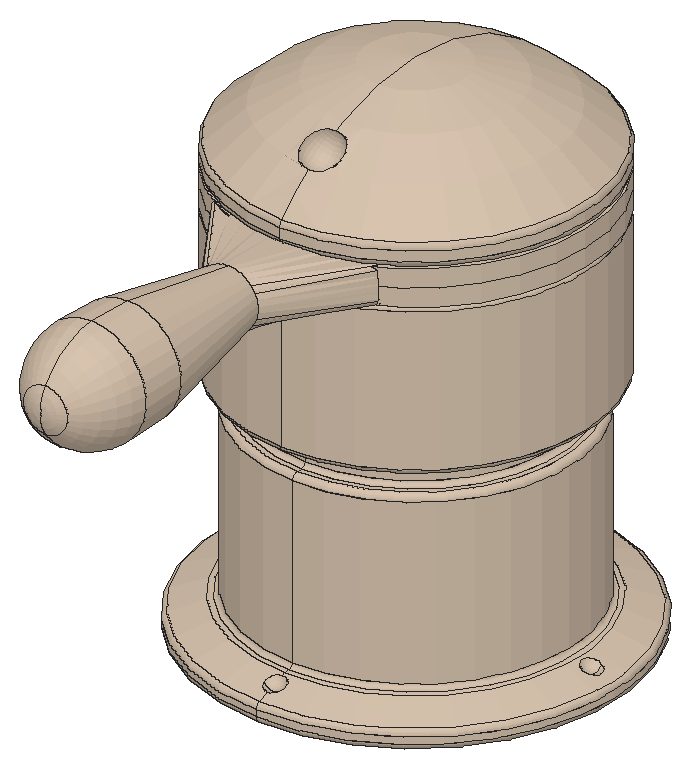
Revit family "Faucet-Valve_Trim-KOHLER-K-T9540", category Specialty Equipment, host Face, Revit 2021
Family settings
  Host = Face
  Round Connector Dimension = Use Diameter
  Part Type = Normal
  OmniClass Number = 23.31.25.00
  OmniClass Title = Toilet and Bath Specialties
  Cut with Voids When Loaded = No
  Shared = No
  Room Calculation Point = No
Parameters (values of type "AF-Vibrant French Gold")
  Width = 2 159/256"  # constant formula
  WaterSense Certified = 1 = 0  # no
  URL = "https://www.us.kohler.com/us/"
  Type = 1
  Product Page URL = "http://www.us.kohler.com/us/catalog/productDetails.jsp?productNumber=T9540-4"
  Product Name = ""
  Product Documentation Link = "https://www.us.kohler.com/webassets/kpna/catalog/pdf/en/K-T9540-4_spec_US-CA_Kohler_en.pdf"
  Model = if(Type = 1, "K-T9540-4-AF", if(Type = 2, "K-T9540-4-BN", if(Type = 3, "K-T9540-4-CP", "NA")))  # "K-T9540-4-AF"
  Material = "Premium Metal Construction"  # constant formula
  Master Format 2014 Name = "Toilet, Bath, and Laundry Accessories"  # constant formula
  Master Format 2014 = "10 28 00"  # constant formula
  Manufacturer Address = "444 Highland Dr, Kohler, WI 53044"  # constant formula
  Manufacturer = "Kohler Co."  # constant formula
  Length = 2 159/256"  # constant formula
  Height = 3 23/64"  # constant formula
  Handle Clearance = 3 33/256"  # constant formula
  Finish = Kohler-Metal-AF-Vibrant_French_Gold
  Environmental Product Declaration = ""
  Description = "Deck-Mount Trim For Transfer Valve/ Vaccum Breaker With Lever Handle, Valve Not Included"  # constant formula
  Default Elevation = 42"
  Declare Label = ""
  Date Modified = "08/04/2023"  # constant formula
  Date Created = "08/04/2023"  # constant formula
  Copyright = "Copyright Kohler Co."  # constant formula
  Contact Us = "https://www.us.kohler.com/us/static/contact.jsp"
  Assembly Code = "C1030200"
  ADA Compliant = 1 = 0  # no
Types (4): name | Type | Model | Finish
  (no name) | 1 | "K-T9540-4-AF" | Kohler-Metal-AF-Vibrant_French_Gold
  AF-Vibrant French Gold | 1 | "K-T9540-4-AF" | Kohler-Metal-AF-Vibrant_French_Gold
  BN-Vibrant Brushed Nickel | 2 | "K-T9540-4-BN" | Kohler-Metal-BN-Vibrant_Brushed_Nickel
  CP-Polished Chrome | 3 | "K-T9540-4-CP" | Kohler-Metal-CP-Polished_Chrome
Reference planes (in)
  plane 1 "Center (Front/Back)": y = 0
  plane 2: z = 0
  plane 3 "Center (Left/Right)": x = 0
  plane 4: y = 1.30906
  plane 5: y = -1.31204
  plane 6: x = -1.31102
  plane 7: x = 1.31007
  plane 8: z = 3.35937
  plane 9: y = -3.12891
  plane 10: y = 1.11894
  plane 11: y = -1.12
  plane 12: x = -1.12
  plane 13: x = 1.12
Dimensions and locks (in)
  plane 4 to plane 5 = 2 159/256"
  plane 6 to plane 3 "Center (Left/Right)" = 1.31102"
  "Width": plane 6 to plane 7
  "Height": level to plane 8
  plane 10 to plane 9 = 4.24785"
  "Handle Clearance": plane 1 "Center (Front/Back)" to plane 9
  "Length": plane 4 to plane 5
  aligned and locked: plane 2 to host face
  aligned and locked: level to host face
Automatic sketch dimensions
  host sketch curve to host sketch curve = 96"  (x2)
Nested families (in)
  nested 1: "K-T9540" at (0, 0, 0), type "K-T9540"
Definition of nested family "K-T9540"
  Parameters (values of type "K-T9540")
    Material = none
    Default Elevation = 0"
  Reference planes (in)
    plane 1 "Center (Front/Back)": y = 0
    plane 2: z = 0
    plane 3 "Center (Left/Right)": x = 0
    plane 4: y = 1.30906
    plane 5: x = -1.31102
    plane 6: x = -1.31102
    plane 7: x = 1.31102
    plane 8: y = -1.31102
    plane 9: z = 3.35827
    plane 10: z = 2.624
    plane 11: z = 2.62402
    plane 12 "rh": through (0, -0.7768, 3.14642) normal (0, 0.5446, -0.8387)
    plane 13: y = 1.12
    plane 14: y = -3.12785
    plane 15: y = -1.12
    plane 16: x = -1.12
    plane 17: x = 1.12
  Forms (in)
    Revolve 1, solid, material <- "Material", detail levels medium+fine
      sketch origin (0, 0, 0) x (0, 1, 0) y (0, 0, 1)
        loop
          line (0, 0) -> (0, 3.35827)
          arc (0, 3.35827) -> (-0.60084, 3.23434) -> (-1.10383, 2.88312) r 1.52088
          arc (-1.10383, 2.88312) -> (-1.11582, 2.86437) -> (-1.12001, 2.84252) r 0.05906
          line (-1.12001, 2.84252) -> (-1.12001, 2.77737)
          arc (-1.12001, 2.77737) -> (-1.1083, 2.74935) -> (-1.08014, 2.738) r 0.03937
          line (-1.08014, 2.738) -> (-1.11999, 2.738) -> (-1.11999, 2.624) -> (-1.11999, 2.51) -> (-1.0892, 2.51)
          arc (-1.0892, 2.51) -> (-1.10895, 2.50078) -> (-1.117, 2.48052) r 0.02953
          line (-1.117, 2.48052) -> (-1.117, 1.54953)
          arc (-1.117, 1.54953) -> (-1.10835, 1.52865) -> (-1.08747, 1.52) r 0.02953
          line (-1.08747, 1.52) -> (-0.91, 1.52) -> (-0.91, 1.36998)
          arc (-0.91, 1.36998) -> (-0.91878, 1.34878) -> (-0.93999, 1.33999) r 0.02999
          line (-0.93999, 1.33999) -> (-0.97563, 1.33999)
          arc (-0.97563, 1.33999) -> (-1.00347, 1.32846) -> (-1.015, 1.30062) r 0.03937
          line (-1.015, 1.30062) -> (-1.015, 0.23052)
          arc (-1.015, 0.23052) -> (-1.02386, 0.20943) -> (-1.04512, 0.20099) r 0.02953
          arc (-1.04512, 0.20099) -> (-1.06151, 0.19981) -> (-1.07741, 0.19563) r 0.0892
          line (-1.07741, 0.19563) -> (-1.28512, 0.12003)
          arc (-1.28512, 0.12003) -> (-1.3039, 0.10562) -> (-1.31102, 0.08304) r 0.03937
          line (-1.31102, 0.08304) -> (-1.31102, 0.03937)
          arc (-1.31102, 0.03937) -> (-1.29949, 0.01153) -> (-1.27165, 0) r 0.03937
          line (-1.27165, 0) -> (0, 0)
        axis (0, 3.35827) -> (0, 0)
      angle from 0 to 360
    Revolve 2, solid, material <- "Material", detail levels medium+fine
      sketch origin (0, -0.13503, -0.0123) x (0, 1, 0) y (0, 0, 1)
        loop
          arc (-1.40619, 2.81524) -> (-1.81974, 2.90978) -> (-2.23882, 2.97558) r 6.15003
          arc (-2.23882, 2.97558) -> (-2.38735, 2.9867) -> (-2.53627, 2.98397) r 1.60138
          arc (-2.53627, 2.98397) -> (-2.74945, 2.9195) -> (-2.91219, 2.76746) r 0.49086
          arc (-2.91219, 2.76746) -> (-2.94467, 2.69898) -> (-2.95582, 2.62402) r 0.25761
          line (-2.95582, 2.62402) -> (-1.40619, 2.62402) -> (-1.40619, 2.81524)
        axis (-2.95582, 2.62402) -> (-1.40619, 2.62402)
      angle from 0 to 360
    SweptBlend 3, solid, material <- "Material", detail levels medium+fine
      path origin (0, -0.01005, -0.00226) x (0, 1, 0) y (0, 0, 1)
        loop
          line (-1.53117, 2.6334) -> (-0.80681, 2.6334)
      profile origin (0, -1.54122, 2.63114) x (0, 0, 1) y (1, 0, 0)
        loop
          arc (0.10405, -0.14602) -> (0.1718, -0.00108) -> (0.10568, 0.14462) r 0.19123
          arc (0.10568, 0.14462) -> (0.08645, 0.15924) -> (0.06553, 0.17132) r 0.19123
          arc (0.06553, 0.17132) -> (-0.0092, 0.19095) -> (-0.0856, 0.17941) r 0.19123
          arc (-0.0856, 0.17941) -> (-0.10524, 0.17089) -> (-0.12381, 0.16023) r 0.19123
          arc (-0.12381, 0.16023) -> (-0.21065, 0) -> (-0.12381, -0.16023) r 0.19123
          arc (-0.12381, -0.16023) -> (-0.10614, -0.17044) -> (-0.08749, -0.17871) r 0.19123
          arc (-0.08749, -0.17871) -> (-0.01074, -0.19103) -> (0.06457, -0.17179) r 0.19123
          arc (0.06457, -0.17179) -> (0.08511, -0.16013) -> (0.10405, -0.14602) r 0.19123
      end profile origin (0, -0.81685, 2.63114) x (0, 0, 1) y (1, 0, 0)
        loop
          line (0.08492, 0.63157) -> (-0.10371, 0.63157)
          arc (-0.10371, 0.63157) -> (-0.11763, 0.62581) -> (-0.1234, 0.61189) r 0.01969
          line (-0.1234, 0.61189) -> (-0.1234, -0.65207)
          arc (-0.1234, -0.65207) -> (-0.11763, -0.66599) -> (-0.10371, -0.67175) r 0.01969
          line (-0.10371, -0.67175) -> (0.08492, -0.67175)
          arc (0.08492, -0.67175) -> (0.09884, -0.66599) -> (0.1046, -0.65207) r 0.01969
          line (0.1046, -0.65207) -> (0.1046, 0.61189)
          arc (0.1046, 0.61189) -> (0.09884, 0.62581) -> (0.08492, 0.63157) r 0.01969
    Revolve 4, void
      sketch origin (1.17446, 0, 0.04767) x (0, -1, 0) y (0, 0, -1)
        loop
          line (-0.08317, -0.16716) -> (0.08254, -0.16716)
          arc (0.08254, -0.16716) -> (-0.00032, -0.08431) -> (-0.08317, -0.16716) r 0.08285
        axis (0.08254, -0.16716) -> (-0.08317, -0.16716)
      angle from 0 to 360
    Revolve 5, void
      sketch origin (0, -1.66436, 2.57003) x (0, -0.838671, -0.544639) y (-1, 0, 0)
        loop
          line (-1.19735, 0) -> (-0.93194, 0)
          arc (-0.93194, 0) -> (-1.06464, 0.1327) -> (-1.19735, 0) r 0.13271
        axis (-1.19735, 0) -> (-0.93194, 0)
      angle from 0 to 360
    Revolve 6, solid, material <- "Material", detail levels coarse
      sketch origin (0, 0, 0) x (0, 1, 0) y (0, 0, 1)
        loop
          line (0, 0) -> (0, 3.35783)
          arc (0, 3.35783) -> (-0.5715, 3.26104) -> (-1.06527, 2.95745) r 1.52088
          arc (-1.06527, 2.95745) -> (-1.13077, 2.86587) -> (-1.15391, 2.75568) r 0.27397
          line (-1.15391, 2.75568) -> (-1.15391, 1.52) -> (-0.94691, 1.52) -> (-0.94691, 1.36998)
          arc (-0.94691, 1.36998) -> (-0.95569, 1.34878) -> (-0.9769, 1.33999) r 0.02999
          line (-0.9769, 1.33999) -> (-1.05191, 1.33999) -> (-1.05191, 0.23052)
          arc (-1.05191, 0.23052) -> (-1.06077, 0.20943) -> (-1.08203, 0.20099) r 0.02953
          arc (-1.08203, 0.20099) -> (-1.09842, 0.19981) -> (-1.11432, 0.19563) r 0.0892
          line (-1.11432, 0.19563) -> (-1.34793, 0.1106) -> (-1.34793, 0) -> (0, 0)
        axis (0, 3.35783) -> (0, 0)
      angle from 0 to 360
    Revolve 7, solid, material <- "Material", detail levels coarse
      sketch origin (0, 0, -0.02461) x (0, 1, 0) y (0, 0, 1)
        loop
          line (-1.69847, 2.62402) -> (-0.57094, 2.62402) -> (-0.57094, 2.82087) -> (-1.01681, 2.82087)
          arc (-1.01681, 2.82087) -> (-1.29468, 2.82925) -> (-1.57154, 2.85436) r 4.60996
          arc (-1.57154, 2.85436) -> (-1.64151, 2.86521) -> (-1.7106, 2.88065) r 1.06949
          arc (-1.7106, 2.88065) -> (-2.06559, 2.96144) -> (-2.4247, 3.02133) r 6.21935
          arc (-2.4247, 3.02133) -> (-2.65003, 3.03128) -> (-2.87339, 2.99994) r 1.23028
          arc (-2.87339, 2.99994) -> (-3.06781, 2.87639) -> (-3.14352, 2.65883) r 0.35043
          line (-3.14352, 2.65883) -> (-3.14352, 2.62402) -> (-1.69847, 2.62402)
        axis (-3.14352, 2.62402) -> (-0.57094, 2.62402)
      angle from 0 to 360
    Revolve 8, void
      sketch origin (-1.17446, 0, 0.04767) x (0, -1, 0) y (0, 0, 1)
        loop
          arc (-0.08317, 0.16716) -> (-0.00032, 0.08431) -> (0.08254, 0.16716) r 0.08285
          line (0.08254, 0.16716) -> (-0.08317, 0.16716)
        axis (0.08254, 0.16716) -> (-0.08317, 0.16716)
      angle from 0 to 360
    Revolve 9, void
      sketch origin (0, -1.17446, 0.04767) x (-1, 0, 0) y (0, 0, -1)
        loop
          line (-0.08317, -0.16716) -> (0.08254, -0.16716)
          arc (0.08254, -0.16716) -> (-0.00032, -0.08431) -> (-0.08317, -0.16716) r 0.08285
        axis (0.08254, -0.16716) -> (-0.08317, -0.16716)
      angle from 0 to 360
  Cuts and joins
    joined: Revolve 2, SweptBlend 3
    Revolve 4, Revolve 5, Revolve 8, Revolve 9 cuts Revolve 1
  Lines and regions (in)
    Masking region 1
      outline origin (0, 0, 0) x (1, 0, 0) y (0, 1, 0)
        loop
          arc (-1.31102, 0) -> (-1.0374, -0.80046) -> (-0.33078, -1.26552) r 1.30654
          arc (-0.33078, -1.26552) -> (-0.23444, -1.56224) -> (-0.24532, -1.87402) r 0.89879
          arc (-0.24532, -1.87402) -> (-0.28218, -2.0353) -> (-0.31407, -2.19764) r 5.39638
          arc (-0.31407, -2.19764) -> (-0.37278, -2.41974) -> (-0.39547, -2.64834) r 1.44178
          arc (-0.39547, -2.64834) -> (-0.38448, -2.78955) -> (-0.34651, -2.926) r 0.73234
          arc (-0.34651, -2.926) -> (-0.32485, -2.96664) -> (-0.29406, -3.0009) r 0.19029
          arc (-0.29406, -3.0009) -> (-0.23867, -3.04503) -> (-0.17958, -3.08407) r 0.79622
          arc (-0.17958, -3.08407) -> (-0.11915, -3.11186) -> (-0.05416, -3.126) r 0.30747
          arc (-0.05416, -3.126) -> (-0.02711, -3.1279) -> (0, -3.12789) r 0.38228
          arc (0, -3.12789) -> (0.02711, -3.1279) -> (0.05416, -3.126) r 0.38228
          arc (0.05416, -3.126) -> (0.11915, -3.11186) -> (0.17958, -3.08407) r 0.30747
          arc (0.17958, -3.08407) -> (0.23867, -3.04503) -> (0.29406, -3.0009) r 0.79622
          arc (0.29406, -3.0009) -> (0.32485, -2.96664) -> (0.34651, -2.926) r 0.19029
          arc (0.34651, -2.926) -> (0.38448, -2.78955) -> (0.39547, -2.64834) r 0.73234
          arc (0.39547, -2.64834) -> (0.37278, -2.41974) -> (0.31407, -2.19764) r 1.44178
          arc (0.31407, -2.19764) -> (0.28218, -2.0353) -> (0.24532, -1.87402) r 5.39638
          arc (0.24532, -1.87402) -> (0.23434, -1.5629) -> (0.33015, -1.26671) r 0.89879
          arc (0.33015, -1.26671) -> (1.0381, -0.80178) -> (1.31102, 0) r 1.30379
          arc (1.31102, 0) -> (0.92587, 0.9253) -> (0, 1.30906) r 1.31262
          arc (0, 1.30906) -> (-0.9268, 0.92623) -> (-1.31102, 0) r 1.30943
    Masking region 2
      outline origin (0, 0, 0) x (1, 0, 0) y (0, 0, 1)
        loop
          line (0, 0) -> (1.27165, 0)
          arc (1.27165, 0) -> (1.29949, 0.01153) -> (1.31102, 0.03937) r 0.03937
          line (1.31102, 0.03937) -> (1.31102, 0.08283)
          arc (1.31102, 0.08283) -> (1.3039, 0.10541) -> (1.28512, 0.11983) r 0.03937
          line (1.28512, 0.11983) -> (1.07961, 0.19462)
          arc (1.07961, 0.19462) -> (1.06286, 0.19895) -> (1.04559, 0.19999) r 0.08998
          arc (1.04559, 0.19999) -> (1.02403, 0.20825) -> (1.015, 0.2295) r 0.02953
          line (1.015, 0.2295) -> (1.015, 1.30063)
          arc (1.015, 1.30063) -> (1.00347, 1.32847) -> (0.97563, 1.34) r 0.03937
          line (0.97563, 1.34) -> (0.93565, 1.34)
          arc (0.93565, 1.34) -> (0.91477, 1.34865) -> (0.90612, 1.36953) r 0.02953
          line (0.90612, 1.36953) -> (0.90612, 1.52) -> (1.085, 1.52)
          arc (1.085, 1.52) -> (1.10975, 1.53025) -> (1.12, 1.555) r 0.035
          line (1.12, 1.555) -> (1.12, 2.47588)
          arc (1.12, 2.47588) -> (1.1094, 2.50061) -> (1.08418, 2.51) r 0.03416
          line (1.08418, 2.51) -> (1.12, 2.51) -> (1.12, 2.73801) -> (1.08063, 2.73801)
          arc (1.08063, 2.73801) -> (1.10847, 2.74954) -> (1.12, 2.77738) r 0.03937
          line (1.12, 2.77738) -> (1.12, 2.84202)
          arc (1.12, 2.84202) -> (1.11505, 2.86591) -> (1.10102, 2.88586) r 0.06011
          arc (1.10102, 2.88586) -> (0.59948, 3.23618) -> (0, 3.35827) r 1.50699
          arc (0, 3.35827) -> (-0.59948, 3.23618) -> (-1.10102, 2.88586) r 1.50699
          arc (-1.10102, 2.88586) -> (-1.11505, 2.86591) -> (-1.12, 2.84202) r 0.06011
          line (-1.12, 2.84202) -> (-1.12, 2.77738)
          arc (-1.12, 2.77738) -> (-1.10847, 2.74954) -> (-1.08063, 2.73801) r 0.03937
          line (-1.08063, 2.73801) -> (-1.12004, 2.73801) -> (-1.12004, 2.51) -> (-1.08418, 2.51)
          arc (-1.08418, 2.51) -> (-1.1094, 2.50061) -> (-1.12, 2.47588) r 0.03416
          line (-1.12, 2.47588) -> (-1.12, 1.555)
          arc (-1.12, 1.555) -> (-1.10975, 1.53025) -> (-1.085, 1.52) r 0.035
          line (-1.085, 1.52) -> (-0.90612, 1.52) -> (-0.90612, 1.36953)
          arc (-0.90612, 1.36953) -> (-0.91477, 1.34865) -> (-0.93565, 1.34) r 0.02953
          line (-0.93565, 1.34) -> (-0.97563, 1.34)
          arc (-0.97563, 1.34) -> (-1.00347, 1.32847) -> (-1.015, 1.30063) r 0.03937
          line (-1.015, 1.30063) -> (-1.015, 0.2295)
          arc (-1.015, 0.2295) -> (-1.02403, 0.20825) -> (-1.04559, 0.19999) r 0.02953
          arc (-1.04559, 0.19999) -> (-1.06286, 0.19895) -> (-1.07961, 0.19462) r 0.08998
          line (-1.07961, 0.19462) -> (-1.28512, 0.11983)
          arc (-1.28512, 0.11983) -> (-1.3039, 0.10541) -> (-1.31102, 0.08283) r 0.03937
          line (-1.31102, 0.08283) -> (-1.31102, 0.03937)
          arc (-1.31102, 0.03937) -> (-1.29949, 0.01153) -> (-1.27165, 0) r 0.03937
          line (-1.27165, 0) -> (0, 0)
    Masking region 3
      outline origin (0, 0, 0) x (0, 1, 0) y (0, 0, 1)
        loop
          line (0, 0) -> (1.26969, 0)
          arc (1.26969, 0) -> (1.29752, 0.01153) -> (1.30906, 0.03937) r 0.03937
          line (1.30906, 0.03937) -> (1.30906, 0.08355)
          arc (1.30906, 0.08355) -> (1.30194, 0.10613) -> (1.28315, 0.12054) r 0.03937
          line (1.28315, 0.12054) -> (1.07961, 0.19462)
          arc (1.07961, 0.19462) -> (1.06286, 0.19895) -> (1.04559, 0.19999) r 0.08998
          arc (1.04559, 0.19999) -> (1.02403, 0.20825) -> (1.015, 0.2295) r 0.02953
          line (1.015, 0.2295) -> (1.015, 1.30063)
          arc (1.015, 1.30063) -> (1.00347, 1.32847) -> (0.97563, 1.34) r 0.03937
          line (0.97563, 1.34) -> (0.93565, 1.34)
          arc (0.93565, 1.34) -> (0.91477, 1.34865) -> (0.90612, 1.36953) r 0.02953
          line (0.90612, 1.36953) -> (0.90612, 1.52) -> (1.085, 1.52)
          arc (1.085, 1.52) -> (1.10975, 1.53025) -> (1.12, 1.555) r 0.035
          line (1.12, 1.555) -> (1.12, 2.47588)
          arc (1.12, 2.47588) -> (1.1094, 2.50061) -> (1.08418, 2.51) r 0.03416
          line (1.08418, 2.51) -> (1.12, 2.51) -> (1.12, 2.73801) -> (1.08063, 2.73801)
          arc (1.08063, 2.73801) -> (1.10847, 2.74954) -> (1.12, 2.77738) r 0.03937
          line (1.12, 2.77738) -> (1.12, 2.84202)
          arc (1.12, 2.84202) -> (1.11505, 2.8659) -> (1.10103, 2.88584) r 0.06011
          arc (1.10103, 2.88584) -> (0.59948, 3.23618) -> (0, 3.35827) r 1.50699
          arc (0, 3.35827) -> (-0.59948, 3.23618) -> (-1.10103, 2.88584) r 1.50699
          arc (-1.10103, 2.88584) -> (-1.11505, 2.8659) -> (-1.12, 2.84202) r 0.06011
          line (-1.12, 2.84202) -> (-1.12, 2.77738)
          arc (-1.12, 2.77738) -> (-1.10847, 2.74954) -> (-1.08063, 2.73801) r 0.03937
          line (-1.08063, 2.73801) -> (-1.11543, 2.73801)
          arc (-1.11543, 2.73801) -> (-1.16494, 2.74096) -> (-1.21421, 2.74665) r 0.89885
          arc (-1.21421, 2.74665) -> (-1.2769, 2.75585) -> (-1.33953, 2.76548) r 9.46314
          arc (-1.33953, 2.76548) -> (-1.45243, 2.78563) -> (-1.5644, 2.81045) r 2.76123
          arc (-1.5644, 2.81045) -> (-1.6683, 2.83478) -> (-1.77261, 2.85726) r 6.00576
          arc (-1.77261, 2.85726) -> (-1.9417, 2.89421) -> (-2.10987, 2.93513) r 7.35897
          arc (-2.10987, 2.93513) -> (-2.38682, 2.9817) -> (-2.66766, 2.98142) r 1.67733
          arc (-2.66766, 2.98142) -> (-2.77332, 2.96004) -> (-2.87135, 2.91518) r 0.47059
          arc (-2.87135, 2.91518) -> (-2.98426, 2.82719) -> (-3.07348, 2.71524) r 0.60808
          arc (-3.07348, 2.71524) -> (-3.09616, 2.67115) -> (-3.11156, 2.62402) r 0.31143
          arc (-3.11156, 2.62402) -> (-3.12221, 2.56895) -> (-3.12785, 2.51315) r 0.62175
          arc (-3.12785, 2.51315) -> (-3.12355, 2.44167) -> (-3.10701, 2.37201) r 0.41399
          arc (-3.10701, 2.37201) -> (-3.09213, 2.33623) -> (-3.0741, 2.30193) r 0.42996
          arc (-3.0741, 2.30193) -> (-2.98711, 2.19631) -> (-2.87135, 2.12337) r 0.42996
          arc (-2.87135, 2.12337) -> (-2.74222, 2.09081) -> (-2.60932, 2.09933) r 0.42996
          arc (-2.60932, 2.09933) -> (-2.44114, 2.14465) -> (-2.27756, 2.20448) r 1.99301
          arc (-2.27756, 2.20448) -> (-2.11288, 2.27092) -> (-1.94679, 2.33377) r 8.17121
          arc (-1.94679, 2.33377) -> (-1.81427, 2.3789) -> (-1.67984, 2.41798) r 3.08839
          arc (-1.67984, 2.41798) -> (-1.57056, 2.44552) -> (-1.46058, 2.47012) r 4.21606
          arc (-1.46058, 2.47012) -> (-1.39977, 2.48107) -> (-1.33843, 2.48852) r 1.07874
          arc (-1.33843, 2.48852) -> (-1.27632, 2.49433) -> (-1.21422, 2.50027) r 29.17576
          arc (-1.21422, 2.50027) -> (-1.16482, 2.50509) -> (-1.11543, 2.51) r 29.17576
          line (-1.11543, 2.51) -> (-1.08418, 2.51)
          arc (-1.08418, 2.51) -> (-1.1094, 2.50061) -> (-1.12, 2.47588) r 0.03416
          line (-1.12, 2.47588) -> (-1.12, 1.555)
          arc (-1.12, 1.555) -> (-1.10975, 1.53025) -> (-1.085, 1.52) r 0.035
          line (-1.085, 1.52) -> (-0.90612, 1.52) -> (-0.90612, 1.36953)
          arc (-0.90612, 1.36953) -> (-0.91477, 1.34865) -> (-0.93565, 1.34) r 0.02953
          line (-0.93565, 1.34) -> (-0.97563, 1.34)
          arc (-0.97563, 1.34) -> (-1.00347, 1.32847) -> (-1.015, 1.30063) r 0.03937
          line (-1.015, 1.30063) -> (-1.015, 0.2295)
          arc (-1.015, 0.2295) -> (-1.02403, 0.20825) -> (-1.04559, 0.19999) r 0.02953
          arc (-1.04559, 0.19999) -> (-1.06286, 0.19895) -> (-1.07961, 0.19462) r 0.08998
          line (-1.07961, 0.19462) -> (-1.28512, 0.11983)
          arc (-1.28512, 0.11983) -> (-1.3039, 0.10541) -> (-1.31102, 0.08283) r 0.03937
          line (-1.31102, 0.08283) -> (-1.31102, 0.03937)
          arc (-1.31102, 0.03937) -> (-1.29949, 0.01153) -> (-1.27165, 0) r 0.03937
          line (-1.27165, 0) -> (0, 0)
    symbolic lines, detail levels medium+fine
      curve 1: line (0, 1.10102, 2.88586) -> (0, -1.10102, 2.88586)
      curve 2: line (0, 1.12, 2.84202) -> (0, -1.12, 2.84202)
      curve 3: line (0, 1.12, 2.77738) -> (0, -1.12, 2.77738)
      curve 4: line (0, 1.08063, 2.73801) -> (0, -1.08063, 2.73801)
      curve 5: line (0, 1.08418, 2.51) -> (0, -1.0892, 2.51)
      curve 6: line (0, 1.12, 2.47588) -> (0, -1.12, 2.47588)
      curve 7: line (0, 1.12, 1.555) -> (0, -1.12, 1.555)
      curve 8: line (0, 0.90612, 1.52) -> (0, -0.90612, 1.52)
      curve 9: line (0, 0.90612, 1.36953) -> (0, -0.90612, 1.36953)
      curve 10: line (0, 0.93565, 1.34) -> (0, -0.93565, 1.34)
      curve 11: line (0, 1.015, 1.30063) -> (0, -1.015, 1.30063)
      curve 12: line (0, 1.015, 0.2295) -> (0, -1.015, 0.2295)
      curve 13: line (0, 1.04559, 0.19999) -> (0, -1.04559, 0.19999)
      curve 14: line (0, 1.28315, 0.12054) -> (0, -1.28512, 0.11983)
      curve 15: line (0, 1.30906, 0.08355) -> (0, -1.31102, 0.08283)
      curve 16: line (0, 1.30906, 0.03937) -> (0, -1.31102, 0.03937)
      curve 17: line (0, -1.21421, 2.74665) -> (0, -1.21422, 2.50027)
      curve 18: line (0, -0.86013, 2.73801) -> (0, -0.86013, 2.51)
      curve 19: line (0, -1.08063, 2.73801) -> (0, -1.21421, 2.70221)
      curve 20: line (0, -1.21421, 2.70221) -> (0, -0.86013, 2.70221)
      curve 21: line (0, -1.21422, 2.54582) -> (0, -0.86013, 2.54582)
      curve 22: line (0, -2.87135, 2.91518) -> (0, -2.87135, 2.12337)
      curve 23: line (0, -3.07348, 2.71524) -> (0, -3.0741, 2.30193)
      curve 24: line (-1.31102, 0, 0.03937) -> (1.31102, 0, 0.03937)
      curve 25: line (-1.31102, 0, 0.08283) -> (1.31102, 0, 0.08283)
      curve 26: line (-1.28512, 0, 0.11983) -> (1.28512, 0, 0.11983)
      curve 27: line (-1.04559, 0, 0.19999) -> (1.04559, 0, 0.19999)
      curve 28: line (1.015, 0, 0.2295) -> (-1.015, 0, 0.2295)
      curve 29: line (-1.015, 0, 1.30063) -> (1.015, 0, 1.30063)
      curve 30: line (-0.93565, 0, 1.34) -> (0.93565, 0, 1.34)
      curve 31: line (-0.90612, 0, 1.52) -> (0.90612, 0, 1.52)
      curve 32: line (-1.12, 0, 1.555) -> (1.12, 0, 1.555)
      curve 33: line (-1.08418, 0, 2.51) -> (-0.38961, 0, 2.50882)
      curve 34: line (-1.12, 0, 2.47588) -> (-0.38947, 0, 2.4756)
      curve 35: circle (0, 0, 2.49114) r 0.19685 normal (0, -1, 0)
      curve 36: spline (0.29168, 0, 2.49114) -> (0.28174, 0, 2.42096) -> (0.2526, 0, 2.35557) -> (0.20625, 0, 2.29941) -> (0.14584, 0, 2.25633) -> (0.07549, 0, 2.22924) -> (0, 0, 2.22) -> (-0.07549, 0, 2.22924) -> (-0.14584, 0, 2.25633) -> (-0.20625, 0, 2.29941) -> (-0.2526, 0, 2.35557) -> (-0.28174, 0, 2.42096) -> (-0.29168, 0, 2.49114)
      curve 37: spline (-0.29168, 0, 2.49114) -> (-0.28174, 0, 2.58274) -> (-0.2526, 0, 2.6681) -> (-0.20625, 0, 2.7414) -> (-0.14584, 0, 2.79765) -> (-0.07549, 0, 2.83301) -> (0, 0, 2.84507) -> (0.07549, 0, 2.83301) -> (0.14584, 0, 2.79765) -> (0.20625, 0, 2.7414) -> (0.2526, 0, 2.6681) -> (0.28174, 0, 2.58274) -> (0.29168, 0, 2.49114)
      curve 38: spline (-0.3899, 0, 2.49114) -> (-0.3899, 0, 2.49261) -> (-0.38989, 0, 2.49409) -> (-0.38988, 0, 2.49556) -> (-0.38987, 0, 2.49703) -> (-0.38985, 0, 2.49851) -> (-0.38983, 0, 2.49998) -> (-0.3898, 0, 2.50146) -> (-0.38977, 0, 2.50293) -> (-0.38974, 0, 2.5044) -> (-0.3897, 0, 2.50588) -> (-0.38966, 0, 2.50735) -> (-0.38961, 0, 2.50882)
      curve 39: spline (0.3899, 0, 2.49114) -> (0.3899, 0, 2.48987) -> (0.38989, 0, 2.48859) -> (0.38987, 0, 2.48732) -> (0.38985, 0, 2.48605) -> (0.38983, 0, 2.48477) -> (0.3898, 0, 2.4835) -> (0.38976, 0, 2.48223) -> (0.38972, 0, 2.48095) -> (0.38967, 0, 2.47968) -> (0.38961, 0, 2.47841) -> (0.38955, 0, 2.47714) -> (0.38949, 0, 2.47586)
      curve 40: spline (0, 0, 2.9488) -> (0.01724, 0, 2.94835) -> (0.03444, 0, 2.94701) -> (0.05158, 0, 2.94478) -> (0.06861, 0, 2.94166) -> (0.08551, 0, 2.93766) -> (0.10225, 0, 2.93278) -> (0.11878, 0, 2.92705) -> (0.13508, 0, 2.92046) -> (0.15112, 0, 2.91303) -> (0.16686, 0, 2.90477) -> (0.18228, 0, 2.89571) -> (0.19734, 0, 2.88586)
      curve 41: spline (0, 0, 2.16) -> (-0.04938, 0, 2.16267) -> (-0.09796, 0, 2.17062) -> (-0.14497, 0, 2.18374) -> (-0.18964, 0, 2.20181) -> (-0.23126, 0, 2.22454) -> (-0.26915, 0, 2.25156) -> (-0.30271, 0, 2.28243) -> (-0.3314, 0, 2.31667) -> (-0.35474, 0, 2.35372) -> (-0.37238, 0, 2.39299) -> (-0.38402, 0, 2.43383) -> (-0.38947, 0, 2.4756)
      curve 42: line (0.38957, 0, 2.50992) -> (1.08418, 0, 2.51)
      curve 43: line (0.38949, 0, 2.47586) -> (1.12, 0, 2.47588)
      curve 44: spline (0.38957, 0, 2.50992) -> (0.38962, 0, 2.50835) -> (0.38967, 0, 2.50679) -> (0.38972, 0, 2.50522) -> (0.38975, 0, 2.50366) -> (0.38979, 0, 2.5021) -> (0.38982, 0, 2.50053) -> (0.38984, 0, 2.49897) -> (0.38986, 0, 2.4974) -> (0.38988, 0, 2.49583) -> (0.38989, 0, 2.49427) -> (0.3899, 0, 2.4927) -> (0.3899, 0, 2.49114)
      curve 45: spline (0.38949, 0, 2.47586) -> (0.38407, 0, 2.43407) -> (0.37246, 0, 2.3932) -> (0.35484, 0, 2.35391) -> (0.33151, 0, 2.31683) -> (0.30283, 0, 2.28256) -> (0.26927, 0, 2.25165) -> (0.23137, 0, 2.2246) -> (0.18973, 0, 2.20185) -> (0.14504, 0, 2.18376) -> (0.09801, 0, 2.17063) -> (0.04941, 0, 2.16267) -> (0, 0, 2.16)
      curve 46: spline (-0.38961, 0, 2.50882) -> (-0.38945, 0, 2.51316) -> (-0.38925, 0, 2.51749) -> (-0.38902, 0, 2.52182) -> (-0.38876, 0, 2.52615) -> (-0.38846, 0, 2.53047) -> (-0.38812, 0, 2.53479) -> (-0.38775, 0, 2.53911) -> (-0.38735, 0, 2.54342) -> (-0.38691, 0, 2.54773) -> (-0.38643, 0, 2.55203) -> (-0.38593, 0, 2.55633) -> (-0.38538, 0, 2.56062)
      curve 47: spline (-0.38947, 0, 2.4756) -> (-0.38954, 0, 2.47689) -> (-0.3896, 0, 2.47818) -> (-0.38966, 0, 2.47948) -> (-0.38971, 0, 2.48077) -> (-0.38975, 0, 2.48207) -> (-0.38979, 0, 2.48336) -> (-0.38983, 0, 2.48466) -> (-0.38985, 0, 2.48596) -> (-0.38987, 0, 2.48725) -> (-0.38989, 0, 2.48855) -> (-0.3899, 0, 2.48984) -> (-0.3899, 0, 2.49114)
      curve 48: line (-1.08063, 0, 2.73801) -> (-0.32826, 0, 2.73811)
      curve 49: spline (-0.32826, 0, 2.73811) -> (-0.32638, 0, 2.74151) -> (-0.32449, 0, 2.74488) -> (-0.32257, 0, 2.74823) -> (-0.32062, 0, 2.75157) -> (-0.31865, 0, 2.75488) -> (-0.31665, 0, 2.75818) -> (-0.31463, 0, 2.76145) -> (-0.31258, 0, 2.7647) -> (-0.31051, 0, 2.76793) -> (-0.30842, 0, 2.77114) -> (-0.3063, 0, 2.77432) -> (-0.30415, 0, 2.77749)
      curve 50: line (1.08063, 0, 2.73801) -> (0.32823, 0, 2.73816)
      curve 51: spline (0.32823, 0, 2.73816) -> (0.33043, 0, 2.73408) -> (0.3326, 0, 2.72997) -> (0.33473, 0, 2.72583) -> (0.33683, 0, 2.72166) -> (0.33888, 0, 2.71747) -> (0.3409, 0, 2.71326) -> (0.34288, 0, 2.70902) -> (0.34482, 0, 2.70475) -> (0.34673, 0, 2.70046) -> (0.34859, 0, 2.69615) -> (0.35042, 0, 2.69182) -> (0.3522, 0, 2.68746)
      curve 52: line (-1.12, 0, 2.77738) -> (-0.30415, 0, 2.77749)
      curve 53: spline (-0.30415, 0, 2.77749) -> (-0.30009, 0, 2.78333) -> (-0.29595, 0, 2.78909) -> (-0.29173, 0, 2.79477) -> (-0.28743, 0, 2.80037) -> (-0.28305, 0, 2.80589) -> (-0.2786, 0, 2.81132) -> (-0.27407, 0, 2.81666) -> (-0.26946, 0, 2.82192) -> (-0.26478, 0, 2.82708) -> (-0.26003, 0, 2.83215) -> (-0.25521, 0, 2.83714) -> (-0.25032, 0, 2.84202)
      curve 54: line (1.12, 0, 2.77738) -> (0.30407, 0, 2.77761)
      curve 55: spline (0.30407, 0, 2.77761) -> (0.30622, 0, 2.77444) -> (0.30834, 0, 2.77125) -> (0.31044, 0, 2.76803) -> (0.31252, 0, 2.7648) -> (0.31457, 0, 2.76154) -> (0.3166, 0, 2.75826) -> (0.3186, 0, 2.75496) -> (0.32058, 0, 2.75164) -> (0.32253, 0, 2.7483) -> (0.32445, 0, 2.74494) -> (0.32635, 0, 2.74156) -> (0.32823, 0, 2.73816)
      curve 56: line (-0.80344, 0, 2.73804) -> (-0.80344, 0, 2.50952)
      curve 57: line (-0.80344, 0, 2.68746) -> (-0.3522, 0, 2.68746)
      curve 58: line (-0.80344, 0, 2.56058) -> (-0.38538, 0, 2.56062)
      curve 59: spline (-0.38538, 0, 2.56062) -> (-0.38383, 0, 2.57156) -> (-0.38206, 0, 2.58246) -> (-0.38006, 0, 2.59331) -> (-0.37784, 0, 2.60409) -> (-0.37539, 0, 2.61481) -> (-0.37273, 0, 2.62546) -> (-0.36985, 0, 2.63603) -> (-0.36675, 0, 2.64651) -> (-0.36343, 0, 2.6569) -> (-0.3599, 0, 2.66719) -> (-0.35616, 0, 2.67738) -> (-0.3522, 0, 2.68746)
      curve 60: spline (-0.3522, 0, 2.68746) -> (-0.35042, 0, 2.69181) -> (-0.3486, 0, 2.69614) -> (-0.34673, 0, 2.70045) -> (-0.34483, 0, 2.70474) -> (-0.34289, 0, 2.709) -> (-0.34091, 0, 2.71323) -> (-0.3389, 0, 2.71744) -> (-0.33684, 0, 2.72163) -> (-0.33475, 0, 2.72579) -> (-0.33262, 0, 2.72992) -> (-0.33046, 0, 2.73403) -> (-0.32826, 0, 2.73811)
      curve 61: line (0.80344, 0, 2.68746) -> (0.3522, 0, 2.68746)
      curve 62: line (0.80344, 0, 2.56062) -> (0.38538, 0, 2.56062)
      curve 63: spline (0.3522, 0, 2.68746) -> (0.35616, 0, 2.67738) -> (0.3599, 0, 2.66719) -> (0.36343, 0, 2.6569) -> (0.36675, 0, 2.64651) -> (0.36985, 0, 2.63603) -> (0.37273, 0, 2.62546) -> (0.37539, 0, 2.61481) -> (0.37784, 0, 2.60409) -> (0.38006, 0, 2.59331) -> (0.38206, 0, 2.58246) -> (0.38383, 0, 2.57156) -> (0.38538, 0, 2.56062)
      curve 64: spline (0.38538, 0, 2.56062) -> (0.38591, 0, 2.55642) -> (0.38641, 0, 2.55221) -> (0.38688, 0, 2.548) -> (0.38731, 0, 2.54378) -> (0.38771, 0, 2.53956) -> (0.38808, 0, 2.53534) -> (0.38841, 0, 2.53111) -> (0.38871, 0, 2.52688) -> (0.38898, 0, 2.52264) -> (0.38921, 0, 2.5184) -> (0.38941, 0, 2.51416) -> (0.38957, 0, 2.50992)
      curve 65: spline (-0.12877, 0, 3.14181) -> (-0.12439, 0, 3.15775) -> (-0.11152, 0, 3.1726) -> (-0.09106, 0, 3.18536) -> (-0.06439, 0, 3.19515) -> (-0.03333, 0, 3.2013) -> (0, 0, 3.2034) -> (0.03333, 0, 3.2013) -> (0.06439, 0, 3.19515) -> (0.09106, 0, 3.18536) -> (0.11152, 0, 3.1726) -> (0.12439, 0, 3.15775) -> (0.12877, 0, 3.14181) -> (0.12439, 0, 3.12587) -> (0.11152, 0, 3.11101) -> (0.09106, 0, 3.09825) -> (0.06439, 0, 3.08846) -> (0.03333, 0, 3.08231) -> (0, 0, 3.08021) -> (-0.03333, 0, 3.08231) -> (-0.06439, 0, 3.08846) -> (-0.09106, 0, 3.09825) -> (-0.11152, 0, 3.11101) -> (-0.12439, 0, 3.12587) -> (-0.12877, 0, 3.14181)
      curve 66: spline (0, 0, 0.19574) -> (0.02155, 0, 0.19477) -> (0.04164, 0, 0.19191) -> (0.05888, 0, 0.18736) -> (0.07212, 0, 0.18144) -> (0.08043, 0, 0.17454) -> (0.08327, 0, 0.16713) -> (0.08043, 0, 0.15973) -> (0.07212, 0, 0.15283) -> (0.05888, 0, 0.14691) -> (0.04164, 0, 0.14236) -> (0.02155, 0, 0.1395) -> (0, 0, 0.13853)
      curve 67: spline (0, 0, 0.19574) -> (-0.02155, 0, 0.19477) -> (-0.04164, 0, 0.19191) -> (-0.05888, 0, 0.18736) -> (-0.07212, 0, 0.18144) -> (-0.08043, 0, 0.17454) -> (-0.08327, 0, 0.16713) -> (-0.08043, 0, 0.15973) -> (-0.07212, 0, 0.15283) -> (-0.05888, 0, 0.14691) -> (-0.04164, 0, 0.14236) -> (-0.02155, 0, 0.1395) -> (0, 0, 0.13853)
      curve 68: spline (0, 0, 0.19553) -> (0, -0.02165, 0.19456) -> (0, -0.04183, 0.19172) -> (0, -0.05915, 0.1872) -> (0, -0.07245, 0.18131) -> (0, -0.0808, 0.17445) -> (0, -0.08365, 0.16708) -> (0, -0.0808, 0.15972) -> (0, -0.07245, 0.15286) -> (0, -0.05915, 0.14697) -> (0, -0.04183, 0.14245) -> (0, -0.02165, 0.1396) -> (0, 0, 0.13863)
      curve 69: spline (0, 0, 0.19553) -> (0, 0.02165, 0.19456) -> (0, 0.04183, 0.19172) -> (0, 0.05915, 0.1872) -> (0, 0.07245, 0.18131) -> (0, 0.0808, 0.17445) -> (0, 0.08365, 0.16708) -> (0, 0.0808, 0.15972) -> (0, 0.07245, 0.15286) -> (0, 0.05915, 0.14697) -> (0, 0.04183, 0.14245) -> (0, 0.02165, 0.1396) -> (0, 0, 0.13863)
      curve 70: arc (-0.36097, -1.21631, 0) -> (-0.52234, -1.03472, 0) -> (-0.70278, -0.87205, 0) r 2.19694
      curve 71: arc (-0.70278, -0.87205, 0) -> (-0.99396, -0.51616, 0) -> (-1.11759, -0.07325, 0) r 1.11999
      curve 72: arc (0.70278, -0.87205, 0) -> (0.99439, -0.51533, 0) -> (1.11771, -0.07139, 0) r 1.11999
      curve 73: arc (0.36933, -1.21379, 0) -> (-0.00437, 1.26873, 0) -> (-0.36097, -1.21631, 0) r 1.26874
      curve 74: line (-0.36097, -1.21631, 0) -> (-0.33078, -1.26552, 0)
      curve 75: line (0.36933, -1.21379, 0) -> (0.33015, -1.26671, 0)
      curve 76: line (-0.36257, -1.21429, 0) -> (0.36896, -1.21429, 0)
      curve 77: arc (-0.70278, -0.87205, 0) -> (-0.51, -0.99713, 0) -> (-0.29575, -1.08024, 0) r 1.11999
      curve 78: arc (-0.33245, -1.21429, 0) -> (-0.51182, -1.03691, 0) -> (-0.70278, -0.87205, 0) r 3.72828
      curve 79: arc (0.36257, -1.21429, 0) -> (0.52325, -1.0338, 0) -> (0.70278, -0.87205, 0) r 2.19694
      curve 80: arc (0.33245, -1.21429, 0) -> (0.51182, -1.03691, 0) -> (0.70278, -0.87205, 0) r 3.72828
      curve 81: arc (-0.33245, -1.21429, 0) -> (-0.35179, -1.13695, 0) -> (-0.29575, -1.08024, 0) r 0.08134
      curve 82: arc (0.33245, -1.21429, 0) -> (0.35179, -1.13695, 0) -> (0.29575, -1.08024, 0) r 0.08134
      curve 83: circle (0, 0, 0) r 1.0892 normal (0, 0, 1)
      curve 84: arc (-1.11759, 0.07325, 0) -> (-1.23425, 0, 0) -> (-1.11759, -0.07325, 0) r 0.08133
      curve 85: arc (1.11771, 0.07139, 0) -> (1.23668, 0, 0) -> (1.11771, -0.07139, 0) r 0.08091
      curve 86: arc (-1.11759, 0.07325, 0) -> (-0.76562, 0.81744, 0) -> (0, 1.11999, 0) r 1.11999
      curve 87: arc (-1.11759, -0.07325, 0) -> (-1.11999, 0, 0) -> (-1.11759, 0.07325, 0) r 1.11999
      curve 88: arc (1.11771, 0.07139, 0) -> (0.7663, 0.8168, 0) -> (0, 1.11999, 0) r 1.11999
      curve 89: arc (1.11771, -0.07139, 0) -> (1.11999, 0, 0) -> (1.11771, 0.07139, 0) r 1.11999
      curve 90: spline (0, -0.66023, 0) -> (-0.03338, -0.66401, 0) -> (-0.06448, -0.67507, 0) -> (-0.09119, -0.69266, 0) -> (-0.11168, -0.71559, 0) -> (-0.12456, -0.74228, 0) -> (-0.12896, -0.77094, 0) -> (-0.12456, -0.79959, 0) -> (-0.11168, -0.82629, 0) -> (-0.09119, -0.84921, 0) -> (-0.06448, -0.86681, 0) -> (-0.03338, -0.87787, 0) -> (0, -0.88164, 0)
      curve 91: spline (0, -0.66023, 0) -> (0.03338, -0.66401, 0) -> (0.06448, -0.67507, 0) -> (0.09119, -0.69266, 0) -> (0.11168, -0.71559, 0) -> (0.12456, -0.74228, 0) -> (0.12896, -0.77094, 0) -> (0.12456, -0.79959, 0) -> (0.11168, -0.82629, 0) -> (0.09119, -0.84921, 0) -> (0.06448, -0.86681, 0) -> (0.03338, -0.87787, 0) -> (0, -0.88164, 0)
      curve 92: arc (0.29575, -1.08024, 0) -> (0.51, -0.99713, 0) -> (0.70278, -0.87205, 0) r 1.11999
      curve 93: arc (-0.29575, -1.08024, 0) -> (0, -1.11999, 0) -> (0.29575, -1.08024, 0) r 1.11999
      curve 94: arc (-1.15293, -1.21422, 2.54582) -> (-1.15293, -1.15445, 2.51835) -> (-1.15293, -1.0892, 2.51) r 0.21761
      curve 95: line (-0.34651, -2.926, 0) -> (0.34651, -2.926, 0)
      curve 96: line (-0.17958, -3.08407, 0) -> (0.17958, -3.08407, 0)
      curve 97: line (0.80344, 0, 2.73806) -> (0.80344, 0, 2.50997)
      curve 98: line (1.12, 0, 2.84202) -> (0.25032, 0, 2.84202)
      curve 99: line (1.10102, 0, 2.88586) -> (0.19734, 0, 2.88586)
      curve 100: line (-0.19734, 0, 2.88586) -> (-1.10102, 0, 2.88586)
      curve 101: line (-0.25032, 0, 2.84202) -> (-1.12, 0, 2.84202)
      curve 102: spline (0.19734, 0, 2.88586) -> (0.20198, 0, 2.88261) -> (0.20659, 0, 2.87928) -> (0.21115, 0, 2.87588) -> (0.21568, 0, 2.8724) -> (0.22017, 0, 2.86886) -> (0.22461, 0, 2.86523) -> (0.22901, 0, 2.86154) -> (0.23336, 0, 2.85778) -> (0.23767, 0, 2.85394) -> (0.24194, 0, 2.85004) -> (0.24615, 0, 2.84606) -> (0.25032, 0, 2.84202)
      curve 103: spline (0.25032, 0, 2.84202) -> (0.25521, 0, 2.83714) -> (0.26002, 0, 2.83217) -> (0.26476, 0, 2.82711) -> (0.26943, 0, 2.82195) -> (0.27403, 0, 2.81671) -> (0.27855, 0, 2.81137) -> (0.283, 0, 2.80595) -> (0.28737, 0, 2.80045) -> (0.29167, 0, 2.79486) -> (0.29588, 0, 2.78919) -> (0.30002, 0, 2.78344) -> (0.30407, 0, 2.77761)
      curve 104: spline (-0.19734, 0, 2.88586) -> (-0.18228, 0, 2.89571) -> (-0.16686, 0, 2.90477) -> (-0.15112, 0, 2.91303) -> (-0.13508, 0, 2.92046) -> (-0.11878, 0, 2.92705) -> (-0.10225, 0, 2.93278) -> (-0.08551, 0, 2.93766) -> (-0.06861, 0, 2.94166) -> (-0.05158, 0, 2.94478) -> (-0.03444, 0, 2.94701) -> (-0.01724, 0, 2.94835) -> (0, 0, 2.9488)
      curve 105: spline (-0.25032, 0, 2.84202) -> (-0.24615, 0, 2.84606) -> (-0.24194, 0, 2.85004) -> (-0.23767, 0, 2.85394) -> (-0.23336, 0, 2.85778) -> (-0.22901, 0, 2.86154) -> (-0.22461, 0, 2.86523) -> (-0.22017, 0, 2.86886) -> (-0.21568, 0, 2.8724) -> (-0.21115, 0, 2.87588) -> (-0.20659, 0, 2.87928) -> (-0.20198, 0, 2.88261) -> (-0.19734, 0, 2.88586)
  Dimensions and locks (in)
    aligned and locked: plane 2 to level
